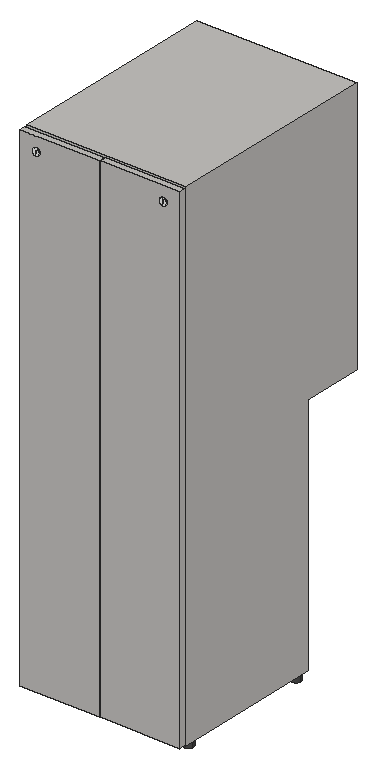
Revit family "Storage-Freestanding-Teknion-JNFBDS_Dual_Beam_Tower_with_Solid_Doors-R2015", category Furniture, Revit 2015
Parameters (values of type "In-Line W/ Wardrobe")
  Width [instance] = 18.000"
  Warranty = "http://www.teknion.com/ca/papers/legal-canada"
  Unit Weight URL = "http://www.teknion.com/ca/tools/assets#&asset=bee6a381-b954-425e-8283-5a2de3a804f2,f828d448-4b62-4231-9e5f-9a8991c0ed77"
  URL = "www.teknion.com"
  Sustainability Data = "http://www.teknion.com/ca/tools/assets#&topic=216f99a5-57a0-44fc-b10a-9dee9b29ae4c&asset=444deb64-fe58-4b68-981e-f75e97781df7"
  Series = "Cityline"  # constant formula
  Product Page URL = "http://www.teknion.com/ca/products/product-details?productlineid=9ad2a26e-8e7a-673b-a6c8-ff05004460c4"
  Product Line = "Cityline"  # constant formula
  Product Documentation Link = "http://www.teknion.com/pricing/expansion-cityline/pdfs/JNFBDS_ppg.pdf"
  Part Number = "JNFBDS"  # constant formula
  Model = "JNFBDSSW___I"
  Manufacturer Phone = "416-661-3370"  # constant formula
  Manufacturer Fax = "416.661.4586"  # constant formula
  Manufacturer Contact Information = "http://www.teknion.com/ca/contactus"
  Manufacturer Address = "1150 Flint Road, Toronto, ON. M3J 2J5. Canada"  # constant formula
  Manufacturer = "Teknion"  # constant formula
  Leg Paint Finish [instance] = Paint - Teknion - Mica - Very White
  In-Line = yes
  Height [instance] = 57.000"
  Has Storage Bracket Structural Post [instance] = yes
  Door Front Finish [instance] = Laminate - Teknion - RV - Very White
  Description = "Dual Beam Tower with Full Solid Doors - Wardrobe, In-Line Position"
  Depth [instance] = 24.000"
  Case Finish [instance] = Laminate - Teknion - RV - Very White
  Available Width [instance] = "18, and 24 Inches"  # constant formula
  Available Heights [instance] = "42, 51, and 57 Inches"  # constant formula
  Available Depths [instance] = "24 and 30 Inches"  # constant formula
  Assembly Code = "E2020200"
  Actual Height [instance] = if(Height = 51.000", 50.830", Height)  # 57.000"
  Actual Depth [instance] = if(Depth = 24.000", 24.898", 30.898")  # 24.898"
Reference planes (in)
  plane 1 "Center Front/Back": y = 0
  plane 2: z = 0
  plane 3 "Center Left/Right": x = 0
  plane 4 "Left": x = -9
  plane 5 "Right": x = 9
  plane 6 "Back": y = 12.449
  plane 7 "Front": y = -12.449
  plane 8 "Top": z = 57
  plane 9: z = 27.98425
  plane 10: y = 5.551
  plane 11: y = -11.74821
  plane 12: y = -11.55136
  plane 13: z = 0.60236
  plane 14: y = -10.55136
  plane 15: x = 8.49
  plane 16: y = 4.551
  plane 17: x = -8.49
  plane 18: x = 7.17
  plane 19: z = 55.313
  plane 20: z = 0.72047
  plane 21: z = 56.88189
  plane 22: y = -12.50806
  plane 23: x = -0.05906
  plane 24: x = 0.05906
  plane 25: x = -7.17
  plane 26: z = 55.313
  plane 27: y = 13.199
  plane 28: y = 11.699
  plane 29: x = -0.75
  plane 30: x = 0.75
  plane 31: z = 23.59941
  plane 32: z = 1
  plane 33: z = 27.69291
  plane 34: z = 18.31158
  plane 35: z = 14.85827
  plane 36: y = 7.02757
  plane 37: y = 8.28447
  plane 38: y = 13.05333
  plane 39: y = 11.84467
  plane 40: y = 14.0238
  plane 41: y = 10.8742
  plane 42: x = 1.5748
  plane 43: x = -1.5748
  plane 44: x = -0.60433
  plane 45: x = 0.60433
  plane 46: z = 23.7874
  plane 47: z = 27.07185
  plane 48: z = 27.25984
Forms (in)
  Extrusion 1, solid, material "Laminate - Teknion - RV - Very White" <- "Case Finish"
    sketch origin (0, 0, 0) x (1, 0, 0) y (0, 1, 0)
      loop
        line (-9, 12.449) -> (-9, -11.55136) -> (9, -11.55136) -> (9, 12.449) -> (-9, 12.449)
    from 0.60236 to 57
  Extrusion 2, void
    sketch origin (0, 0, 0) x (1, 0, 0) y (0, 1, 0)
      loop
        line (-9, 12.449) -> (-9, 5.551) -> (9, 5.551) -> (9, 12.449) -> (-9, 12.449)
    from 0 to 27.98425
  Extrusion 3, solid, material "Laminate - Teknion - RV - Very White" <- "Door Front Finish"
    sketch origin (0, 0, 0) x (1, 0, 0) y (0, 1, 0)
      loop
        line (-9, -11.74821) -> (-9, -12.449) -> (-0.05906, -12.449) -> (-0.05906, -11.74821) -> (-9, -11.74821)
      loop
        line (9, -12.449) -> (9, -11.74821) -> (0.05906, -11.74821) -> (0.05906, -12.449) -> (9, -12.449)
    from 0.72047 to 56.88189
  Extrusion 4, solid, material "Plastic - Teknion - E - Ebony"
    sketch origin (0, 0, 0) x (1, 0, 0) y (0, 1, 0)
      loop
        circle (-8.49, 4.551) r 0.5
      loop
        circle (8.49, 4.551) r 0.5
      loop
        circle (8.49, -10.55136) r 0.5
      loop
        circle (-8.49, -10.55136) r 0.5
    from 0 to 0.60236
  Extrusion 5, solid, material "Paint - Teknion - Mica - Very White"
    sketch origin (0, 0, 0) x (1, 0, 0) y (0, 0, 1)
      loop
        line (7.121, 55.5) -> (7.121, 55.126) -> (7.219, 55.126) -> (7.219, 55.5) -> (7.121, 55.5)
      loop
        circle (7.17, 55.313) r 0.4
    from 12.449 to 12.50806
  Extrusion 6, solid, material "Paint - Teknion - Mica - Very White"
    sketch origin (0, 0, 0) x (-1, 0, 0) y (0, 0, -1)
      loop
        line (7.121, -55.5) -> (7.219, -55.5) -> (7.219, -55.126) -> (7.121, -55.126) -> (7.121, -55.5)
      loop
        circle (7.17, -55.313) r 0.4
    from 12.449 to 12.50806
  Extrusion 7, solid, material "Paint - Teknion - Mica - Very White" <- "Leg Paint Finish", visible <- "Has Storage Bracket Structural Post"
    sketch origin (0, 0, 0) x (0, 1, 0) y (0, 0, 1)
      loop
        line (13.199, 23.59941) -> (11.699, 23.59941) -> (11.699, 18.31158) -> (8.28447, 27.69291) -> (7.02757, 27.69291) -> (11.699, 14.85827) -> (11.699, 1) -> (13.199, 1) -> (13.199, 23.59941)
    from -0.75 to 0.75
  Extrusion 8, solid, material "Paint - Teknion - Mica - Very White" <- "Leg Paint Finish", visible <- "Has Storage Bracket Structural Post"
    sketch origin (0, 0, 0) x (1, 0, 0) y (0, 1, 0)
      loop
        line (-0.60433, 13.05333) -> (-0.60433, 11.84467) -> (0.60433, 11.84467) -> (0.60433, 13.05333) -> (-0.60433, 13.05333)
    from 0 to 1
  Extrusion 9, solid, material "Paint - Teknion - Mica - Very White" <- "Leg Paint Finish", visible <- "Has Storage Bracket Structural Post"
    sketch origin (0, 0, 0) x (0, 1, 0) y (0, 0, 1)
      loop
        line (14.0238, 27.25984) -> (10.8742, 27.25984) -> (10.8742, 27.07185) -> (14.0238, 27.07185) -> (14.0238, 27.25984)
      loop
        line (14.0238, 23.7874) -> (10.8742, 23.7874) -> (10.8742, 23.59941) -> (14.0238, 23.59941) -> (14.0238, 23.7874)
    from -1.5748 to 1.5748
  Extrusion 10, solid, material "Paint - Teknion - Mica - Very White" <- "Leg Paint Finish", visible <- "Has Storage Bracket Structural Post"
    sketch origin (0, 0, 0) x (1, 0, 0) y (0, 1, 0)
      loop
        line (-1.5748, 10.8742) -> (-1.5748, 7.02757) -> (1.5748, 7.02757) -> (1.5748, 10.8742) -> (-1.5748, 10.8742)
    from 27.69291 to 27.98425
  Extrusion 11, solid, material "Paint - Teknion - Mica - Very White" <- "Leg Paint Finish", visible <- "Has Storage Bracket Structural Post"
    sketch origin (0, 0, 0) x (1, 0, 0) y (0, 1, 0)
      loop
        circle (-1.4498, 13.8988) r 0.125
      loop
        circle (1.4498, 13.8988) r 0.125
      loop
        circle (-1.4498, 10.9992) r 0.125
      loop
        circle (1.4498, 10.9992) r 0.125
    from 23.7874 to 27.07185
Cuts and joins
  Extrusion 2 cuts Extrusion 1
Lines and regions (in)
  Masking region 1
    outline origin (0, 0, 0) x (1, 0, 0) y (0, 1, 0)
      loop
        line (-9, 12.449) -> (-9, -11.55136) -> (9, -11.55136) -> (9, 12.449) -> (-9, 12.449)
      loop
        line (-9, -11.74821) -> (-9, -12.449) -> (-0.05906, -12.449) -> (-0.05906, -11.74821) -> (-9, -11.74821)
      loop
        line (9, -12.449) -> (9, -11.74821) -> (0.05906, -11.74821) -> (0.05906, -12.449) -> (9, -12.449)
  Masking region 2
    outline origin (0, 0, 0) x (1, 0, 0) y (0, 1, 0)
      loop
        line (6.66903, -12.449) -> (6.66903, -12.50806) -> (7.66903, -12.50806) -> (7.66903, -12.449) -> (6.66903, -12.449)
  Masking region 3
    outline origin (0, 0, 0) x (0, 1, 0) y (-1, 0, 0)
      loop
        line (-12.449, 6.66903) -> (-12.449, 7.66903) -> (-12.50806, 7.66903) -> (-12.50806, 6.66903) -> (-12.449, 6.66903)
  symbolic lines, style "FurnitureHiddenLines", detail levels medium+fine
    curve 1: line (-9, 5.551, 0) -> (9, 5.551, 0)
  symbolic lines, style "FurnitureHiddenLines", detail levels fine
    curve 2: arc (-7.99, 4.551, 0) -> (-8.49, 5.051, 0) -> (-8.99, 4.551, 0) r 0.5
    curve 3: arc (-8.99, 4.551, 0) -> (-8.49, 4.051, 0) -> (-7.99, 4.551, 0) r 0.5
    curve 4: arc (8.99, 4.551, 0) -> (8.49, 5.051, 0) -> (7.99, 4.551, 0) r 0.5
    curve 5: arc (7.99, 4.551, 0) -> (8.49, 4.051, 0) -> (8.99, 4.551, 0) r 0.5
    curve 6: arc (8.99, -10.55136, 0) -> (8.49, -10.05136, 0) -> (7.99, -10.55136, 0) r 0.5
    curve 7: arc (7.99, -10.55136, 0) -> (8.49, -11.05136, 0) -> (8.99, -10.55136, 0) r 0.5
    curve 8: arc (-7.99, -10.55136, 0) -> (-8.49, -10.05136, 0) -> (-8.99, -10.55136, 0) r 0.5
    curve 9: arc (-8.99, -10.55136, 0) -> (-8.49, -11.05136, 0) -> (-7.99, -10.55136, 0) r 0.5
  reference lines, not visible
    curve 10: line (-9, 12.449, 0) -> (9, 12.449, 0)
    curve 31: line (-9, 12.449, 0) -> (-9, -12.449, 0)
    curve 32: line (9, 12.449, 0) -> (9, -12.449, 0)
    curve 33: line (-9, -12.449, 0) -> (9, -12.449, 0)
  reference lines
    curve 11: line (-9, -12.449, 0) -> (9, -12.449, 0)
  symbolic lines, style "FurnitureHiddenLines", visible <- "Has Storage Bracket Structural Post", detail levels medium+fine
    curve 12: line (1.5748, 14.0238, 0) -> (-1.5748, 14.0238, 0)
    curve 13: line (-1.5748, 14.0238, 0) -> (-1.5748, 10.8742, 0)
    curve 14: line (1.5748, 10.8742, 0) -> (1.5748, 14.0238, 0)
    curve 15: line (1.5748, 10.8742, 0) -> (-1.5748, 10.8742, 0)
    curve 16: line (-1.5748, 10.8742, 0) -> (-1.5748, 7.02757, 0)
    curve 17: line (1.5748, 7.02757, 0) -> (1.5748, 10.8742, 0)
    curve 18: line (-1.5748, 7.02757, 0) -> (1.5748, 7.02757, 0)
    curve 19: line (-0.75, 13.199, 0) -> (-0.75, 7.02757, 0)
    curve 20: line (0.75, 7.02757, 0) -> (0.75, 13.199, 0)
    curve 21: line (-0.75, 11.699, 0) -> (0.75, 11.699, 0)
    curve 22: line (0.75, 13.199, 0) -> (-0.75, 13.199, 0)
    curve 23: arc (-1.5748, 10.9992, 0) -> (-1.4498, 10.8742, 0) -> (-1.3248, 10.9992, 0) r 0.125
    curve 24: arc (-1.3248, 10.9992, 0) -> (-1.4498, 11.1242, 0) -> (-1.5748, 10.9992, 0) r 0.125
    curve 25: arc (1.3248, 10.9992, 0) -> (1.4498, 10.8742, 0) -> (1.5748, 10.9992, 0) r 0.125
    curve 26: arc (1.5748, 10.9992, 0) -> (1.4498, 11.1242, 0) -> (1.3248, 10.9992, 0) r 0.125
    curve 27: arc (1.5748, 13.8988, 0) -> (1.4498, 14.0238, 0) -> (1.3248, 13.8988, 0) r 0.125
    curve 28: arc (1.3248, 13.8988, 0) -> (1.4498, 13.7738, 0) -> (1.5748, 13.8988, 0) r 0.125
    curve 29: arc (-1.3248, 13.8988, 0) -> (-1.4498, 14.0238, 0) -> (-1.5748, 13.8988, 0) r 0.125
    curve 30: arc (-1.5748, 13.8988, 0) -> (-1.4498, 13.7738, 0) -> (-1.3248, 13.8988, 0) r 0.125
Dimensions and locks (in)
  "Width": plane 4 "Left" to plane 5 "Right"
  "Actual Depth": plane 6 "Back" to plane 7 "Front"
  "Height": plane 8 "Top" to level
  locked: plane 10 to plane 7 "Front" at 18
  equal spacing: plane 6 "Back", plane 1 "Center Front/Back", plane 7 "Front"
  plane 7 "Front" to plane 11 to plane 12 = 0.70079" locked, 0.19685" locked
  plane 9 to plane 33 to plane 48 to plane 47 to plane 46 to plane 31 to plane 32 to plane 13 to level = 0.29134", 0.43307" locked, 0.18799" locked, 3.28445" locked, 0.18799" locked, 22.59941" locked, 0.39764" locked, 0.60236" locked
  plane 7 "Front" to plane 14 to plane 16 = 1.89764" locked, 15.10236" locked
  locked: plane 4 "Left" to plane 17 at 0.51
  locked: plane 15 to plane 5 "Right" at 0.51
  locked: Extrusion 4 sketch curve to plane 15 at 0  (x2)
  locked: Extrusion 4 sketch curve to plane 16 at 0  (x2)
  locked: Extrusion 4 sketch curve to plane 14 at 0  (x2)
  locked: Extrusion 4 sketch curve to plane 17 at 0  (x2)
  locked: Extrusion 4 sketch curve to Extrusion 4 sketch curve at 1  (x3)
  locked: plane 18 to plane 5 "Right" at 1.83
  locked: plane 8 "Top" to plane 19 at 1.687
  Extrusion 5 sketch curve to plane 18 to Extrusion 5 sketch curve = 0.049" locked, 0.049" locked
  Extrusion 5 sketch curve to plane 19 to Extrusion 5 sketch curve = 0.187" locked, 0.187" locked
  Extrusion 5 sketch curve to plane 18 to Extrusion 5 sketch curve = 0.400" locked, 0.400" locked
  locked: plane 8 "Top" to plane 21 at 0.11811
  locked: plane 22 to plane 7 "Front" at 0.05906
  Masking region 2 sketch curve to Masking region 2 sketch curve to plane 5 "Right" = 1.000" locked, 1.33097" locked
  locked: curve 3 to Extrusion 4 sketch curve at 1
  plane 43 to plane 29 to plane 44 to plane 23 to plane 3 "Center Left/Right" to plane 24 to plane 45 to plane 30 to plane 42 = 0.8248" locked, 0.14567" locked, 0.54528" locked, 0.05906" locked, 0.05906" locked, 0.54528" locked, 0.14567" locked, 0.8248" locked
  Masking region 3 sketch curve to Masking region 3 sketch curve to plane 4 "Left" = 1.000" locked, 1.33097" locked
  Extrusion 6 sketch curve to plane 25 to Extrusion 6 sketch curve = 0.049" locked, 0.049" locked
  Extrusion 6 sketch curve to plane 26 to Extrusion 6 sketch curve = 0.187" locked, 0.187" locked
  Extrusion 6 sketch curve to plane 25 to Extrusion 6 sketch curve = 0.400" locked, 0.400" locked
  locked: plane 25 to plane 4 "Left" at 1.83
  locked: plane 8 "Top" to plane 26 at 1.687
  plane 40 to plane 27 to plane 38 to plane 6 "Back" to plane 39 to plane 28 to plane 37 to plane 36 = 0.8248" locked, 0.14567" locked, 0.60433" locked, 0.60433" locked, 0.14567" locked, 3.41453" locked, 1.2569" locked
  Extrusion 11 sketch curve to Extrusion 11 sketch curve to plane 3 "Center Left/Right" to Extrusion 11 sketch curve to Extrusion 11 sketch curve = 0.000" locked, 1.4498" locked, 1.4498" locked, 0.000" locked
  Extrusion 11 sketch curve to Extrusion 11 sketch curve to plane 6 "Back" to Extrusion 11 sketch curve to Extrusion 11 sketch curve = 0.000" locked, 1.4498" locked, 1.4498" locked, 0.000" locked
  equal spacing: plane 4 "Left", plane 3 "Center Left/Right", plane 5 "Right"
  plane 40 to Extrusion 7 sketch curve to Extrusion 7 sketch curve = 5.49285" locked, 1.1811" locked
  aligned and locked: level to plane 2
  aligned and locked: Extrusion 1 sketch curve to plane 6 "Back"
  aligned and locked: plane 4 "Left" to Extrusion 1 sketch curve
  aligned and locked: plane 5 "Right" to Extrusion 1 sketch curve
  aligned and locked: Extrusion 1 to plane 8 "Top"
  aligned and locked: Extrusion 2 sketch curve to plane 6 "Back"
  aligned and locked: Extrusion 2 sketch curve to plane 10
  aligned and locked: plane 5 "Right" to Extrusion 2 sketch curve
  aligned and locked: cut or joined group of Extrusion 1, Extrusion 2 to level
  aligned and locked: cut or joined group of Extrusion 1, Extrusion 2 to plane 9
  aligned and locked: cut or joined group of Extrusion 1, Extrusion 2 to plane 12
  aligned and locked: Extrusion 3 sketch curve to plane 11
  aligned and locked: plane 4 "Left" to Extrusion 3 sketch curve
  aligned and locked: plane 5 "Right" to Extrusion 3 sketch curve
  aligned and locked: Extrusion 3 sketch curve to plane 7 "Front"  (x2)
  aligned and locked: cut or joined group of Extrusion 1, Extrusion 2 to plane 13
  aligned and locked: Extrusion 4 to level
  aligned and locked: Extrusion 4 to plane 13
  aligned and locked: Extrusion 3 to plane 21
  aligned and locked: Extrusion 3 to plane 20
  aligned and locked: Extrusion 5 to plane 7 "Front"
  aligned and locked: plane 22 to Extrusion 5
  aligned and locked: Masking region 1 sketch curve to plane 6 "Back"
  aligned and locked: plane 5 "Right" to Masking region 1 sketch curve  (x2)
  aligned and locked: Masking region 1 sketch curve to plane 12
  aligned and locked: Masking region 1 sketch curve to plane 11
  aligned and locked: Masking region 1 sketch curve to plane 7 "Front"  (x2)
  aligned and locked: Masking region 2 sketch curve to Extrusion 5  (x2)
  aligned and locked: plane 4 "Left" to Masking region 1 sketch curve  (x2)
  aligned and locked: curve 2 to Extrusion 4
  aligned and locked: curve 3 to Extrusion 4
  aligned and locked: curve 4 to Extrusion 4
  aligned and locked: curve 5 to Extrusion 4
  aligned and locked: curve 6 to Extrusion 4
  aligned and locked: curve 7 to Extrusion 4
  aligned and locked: curve 8 to Extrusion 4
  aligned and locked: curve 9 to Extrusion 4
  aligned and locked: curve 10 to plane 6 "Back"
  aligned and locked: Extrusion 2 to plane 4 "Left"
  aligned and locked: Extrusion 3 sketch curve to plane 24
  aligned and locked: Extrusion 3 sketch curve to plane 23
  aligned and locked: plane 11 to Extrusion 3 sketch curve
  aligned and locked: Masking region 1 sketch curve to plane 23
  aligned and locked: Masking region 1 sketch curve to plane 24
  aligned and locked: plane 11 to Masking region 1 sketch curve
  aligned and locked: plane 32 to Extrusion 7 sketch curve
  aligned and locked: Extrusion 7 sketch curve to plane 28
  aligned and locked: plane 31 to Extrusion 7 sketch curve
  aligned and locked: plane 33 to Extrusion 7 sketch curve
  aligned and locked: Extrusion 7 to plane 29
  aligned and locked: Extrusion 7 to plane 30
  aligned and locked: Extrusion 8 sketch curve to plane 38
  aligned and locked: Extrusion 8 sketch curve to plane 44
  aligned and locked: plane 39 to Extrusion 8 sketch curve
  aligned and locked: plane 45 to Extrusion 8 sketch curve
  aligned and locked: Extrusion 8 to level
  aligned and locked: plane 32 to Extrusion 8
  aligned and locked: plane 40 to Extrusion 9 sketch curve  (x2)
  aligned and locked: Extrusion 9 sketch curve to plane 48
  aligned and locked: plane 47 to Extrusion 9 sketch curve
  aligned and locked: Extrusion 9 sketch curve to plane 46
  aligned and locked: plane 31 to Extrusion 9 sketch curve
  aligned and locked: Extrusion 9 sketch curve to plane 41  (x2)
  aligned and locked: plane 41 to Extrusion 10 sketch curve
  aligned and locked: plane 42 to Extrusion 10 sketch curve
  aligned and locked: Extrusion 10 sketch curve to plane 43
  aligned and locked: plane 36 to Extrusion 10 sketch curve
  aligned and locked: Extrusion 10 to plane 33
  aligned and locked: plane 47 to Extrusion 11
  aligned and locked: Extrusion 11 to plane 46
  aligned and locked: Extrusion 10 to plane 9
  aligned and locked: curve 12 to Extrusion 9
  aligned and locked: curve 23 to Extrusion 11
  aligned and locked: curve 24 to Extrusion 11
  aligned and locked: curve 25 to Extrusion 11
  aligned and locked: curve 26 to Extrusion 11
  aligned and locked: curve 27 to Extrusion 11
  aligned and locked: curve 28 to Extrusion 11
  aligned and locked: curve 29 to Extrusion 11
  aligned and locked: curve 30 to Extrusion 11
  aligned and locked: Extrusion 6 to plane 7 "Front"
  aligned and locked: Extrusion 6 to plane 22
  aligned and locked: Masking region 3 to Extrusion 6  (x2)
  aligned and locked: plane 28 to Extrusion 7 sketch curve
  aligned and locked: curve 31 to plane 4 "Left"
  aligned and locked: plane 5 "Right" to curve 32
  aligned and locked: curve 33 to plane 7 "Front"
  aligned and locked: Extrusion 7 to plane 27
Automatic sketch dimensions
  curve 1 to plane 4 "Left" = 0.000"
  curve 1 to plane 5 "Right" = 0.000"
  Extrusion 2 sketch curve to plane 4 "Left" = 0.000"
  Extrusion 5 sketch curve to plane 18 = 0.000"
  Extrusion 5 sketch curve to plane 19 = 0.000"
  Masking region 3 sketch curve to plane 22 = 0.000"
  Masking region 3 sketch curve to plane 7 "Front" = 0.000"
  plane 25 to Extrusion 6 sketch curve = 0.000"
  Extrusion 6 sketch curve to plane 26 = 0.000"
  Extrusion 7 sketch curve to plane 27 = 0.000"
  Extrusion 7 sketch curve to plane 35 = 0.000"
  curve 1 to plane 10 = 0.000"
  Extrusion 1 sketch curve to plane 12 = 0.000"
  curve 20 to plane 36 = 0.000"
  plane 41 to curve 15 = 0.000"
  plane 27 to curve 19 = 0.000"
  curve 19 to plane 29 = 0.000"
  curve 20 to plane 30 = 0.000"
  curve 21 to plane 28 = 0.000"
  radius of Extrusion 4 sketch curve = 0.500"  (x4)
  radius of Extrusion 5 sketch curve = 0.400"
  radius of Extrusion 6 sketch curve = 0.400"
  radius of Extrusion 11 sketch curve = 0.125"  (x4)
